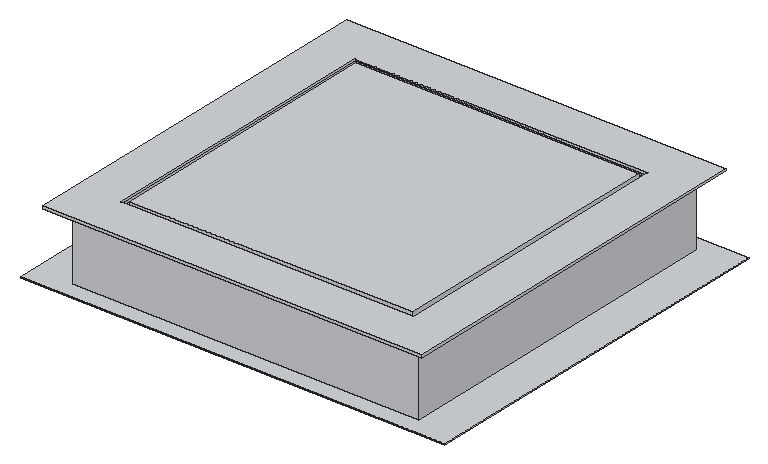
Revit family "Estrichüberdecktes Kanalsystem EÜK_UZD250-3_mit_Rohreinführung_für_Estrichhöhe_70-125 mm", category Generic Models, Revit 2015
Parameters (values of type "UZD 250-3 R")
  Width = 200 mm
  URL = "http://www.obo-bettermann.com"
  Size "a" = 262 mm
  Material = Steel, Galvanized
  Manufacturer Art. No. = "7410031"
  Manufacturer = "OBO Bettermann"
  HeightCalc = if(Height < 70 mm, 70 mm, (if(Height > 125 mm, 125 mm, Height)))  # 70 mm
  Height = 70 mm
  GTIN = "4012195475507"
  Article Type = "UZD 250-3 R"
  "B" Dimension = 410 mm
  "A" Dimension = 367 mm
Reference planes
  plane 1 "Center (Front/Back)": y = 0
  plane 2: z = 0
  plane 3 "Center (Left/Right)": x = 0
  plane 4: z = 1
  plane 5: x = -205
  plane 6: y = -183.5
  plane 7: x = 205
  plane 8: y = 183.5
  plane 9: y = -167
  plane 10: x = 167
  plane 11: y = 167
  plane 12: x = -167
  plane 13: z = 68
  plane 14: z = 70
  plane 15: x = -183.5
  plane 16: x = 183.5
  plane 17: y = 141.5
  plane 18: x = 141.5
  plane 19: x = -141.5
  plane 20: y = -141.5
  plane 21: z = 66
  plane 22: y = 131
  plane 23: y = -131
  plane 24: x = 131
  plane 25: x = -131
  plane 26: y = -136.5
  plane 27: x = 136.5
  plane 28: y = 136.5
  plane 29: x = -136.5
Forms (mm)
  Extrusion 1, solid
    sketch origin (0, 0, 0) x (1, 0, 0) y (0, 1, 0)
      loop
        line (205, 183.5) -> (-205, 183.5) -> (-205, -183.5) -> (205, -183.5) -> (205, 183.5)
    from 0 to 1
  Extrusion 2, solid
    sketch origin (0, 0, 0) x (1, 0, 0) y (0, 1, 0)
      loop
        line (-167, 167) -> (-167, -167) -> (167, -167) -> (167, 167) -> (-167, 167)
    from 1 to 68
  Extrusion 3, solid
    sketch origin (0, 0, 0) x (1, 0, 0) y (0, 1, 0)
      loop
        line (-183.5, 183.5) -> (-183.5, -183.5) -> (183.5, -183.5) -> (183.5, 183.5) -> (-183.5, 183.5)
    from 68 to 70
  Extrusion 4, void
    sketch origin (0, 0, 0) x (1, 0, 0) y (0, 1, 0)
      loop
        line (-141.5, 141.5) -> (-141.5, -141.5) -> (141.5, -141.5) -> (141.5, 141.5) -> (-141.5, 141.5)
    from 66 to 70
  Extrusion 5, void
    sketch origin (0, 0, 0) x (1, 0, 0) y (0, 1, 0)
      loop
        line (-131, 131) -> (-131, -131) -> (131, -131) -> (131, 131) -> (-131, 131)
    from 1 to 66
  Extrusion 6, solid
    sketch origin (0, 0, 0) x (1, 0, 0) y (0, 1, 0)
      loop
        line (-136.5, 136.5) -> (-136.5, -136.5) -> (136.5, -136.5) -> (136.5, 136.5) -> (-136.5, 136.5)
    from 66 to 70
Cuts and joins
  Extrusion 4, Extrusion 5 cuts Extrusion 1
  Extrusion 4, Extrusion 5 cuts Extrusion 2
  Extrusion 4 cuts Extrusion 3
Lines and regions (mm)
  model lines
    curve 1: line (205, 183.5, 0) -> (-205, 183.5, 0)
    curve 2: line (205, 183.5, 0) -> (205, -183.5, 0)
    curve 3: line (205, -183.5, 0) -> (-205, -183.5, 0)
    curve 4: line (-205, -183.5, 0) -> (-205, 183.5, 0)
    curve 5: line (-167, 167, 0) -> (167, 167, 0)
    curve 6: line (167, 167, 0) -> (167, -167, 0)
    curve 7: line (167, -167, 0) -> (-167, -167, 0)
    curve 8: line (-167, -167, 0) -> (-167, 167, 0)
    curve 9: line (-183.5, 183.5, 0) -> (-183.5, -183.5, 0)
    curve 10: line (183.5, -183.5, 0) -> (183.5, 183.5, 0)
    curve 11: line (-141.5, 141.5, 0) -> (141.5, 141.5, 0)
    curve 12: line (141.5, 141.5, 0) -> (141.5, -141.5, 0)
    curve 13: line (141.5, -141.5, 0) -> (-141.5, -141.5, 0)
    curve 14: line (-141.5, -141.5, 0) -> (-141.5, 141.5, 0)
    curve 15: line (-131, 131, 0) -> (131, 131, 0)
    curve 16: line (131, 131, 0) -> (131, -131, 0)
    curve 17: line (131, -131, 0) -> (-131, -131, 0)
    curve 18: line (-131, -131, 0) -> (-131, 131, 0)
    curve 19: line (-136.5, 136.5, 0) -> (136.5, 136.5, 0)
    curve 20: line (136.5, 136.5, 0) -> (136.5, -136.5, 0)
    curve 21: line (136.5, -136.5, 0) -> (-136.5, -136.5, 0)
    curve 22: line (-136.5, -136.5, 0) -> (-136.5, 136.5, 0)
Dimensions and locks
  locked: level to plane 4 at 1
  equal spacing: plane 6, plane 1 "Center (Front/Back)", plane 8
  ""A" Dimension": plane 6 to plane 8
  equal spacing: plane 5, plane 3 "Center (Left/Right)", plane 7
  ""B" Dimension": plane 5 to plane 7
  equal spacing: plane 12, plane 3 "Center (Left/Right)", plane 10
  locked: plane 9 to plane 11 at 334
  equal spacing: plane 9, plane 1 "Center (Front/Back)", plane 11
  locked: plane 12 to plane 10 at 334
  locked: plane 13 to plane 14 at 2
  equal spacing: plane 15, plane 3 "Center (Left/Right)", plane 16
  locked: plane 15 to plane 16 at 367
  equal spacing: plane 19, plane 3 "Center (Left/Right)", plane 18
  locked: plane 19 to plane 18 at 283
  equal spacing: plane 17, plane 1 "Center (Front/Back)", plane 20
  locked: plane 17 to plane 20 at 283
  "HeightCalc": level to plane 14
  locked: plane 21 to plane 14 at 4
  equal spacing: plane 25, plane 3 "Center (Left/Right)", plane 24
  "Size "a"": plane 25 to plane 24
  equal spacing: plane 22, plane 1 "Center (Front/Back)", plane 23
  "Size "a"": plane 22 to plane 23
  equal spacing: plane 29, plane 3 "Center (Left/Right)", plane 27
  locked: plane 29 to plane 27 at 273
  equal spacing: plane 28, plane 1 "Center (Front/Back)", plane 26
  locked: plane 28 to plane 26 at 273
  aligned and locked: level to plane 2
  aligned and locked: plane 7 to curve 2
  aligned and locked: plane 5 to curve 4
  aligned and locked: Extrusion 1 sketch curve to curve 1
  aligned and locked: Extrusion 1 sketch curve to curve 2
  aligned and locked: Extrusion 1 sketch curve to curve 3
  aligned and locked: Extrusion 1 sketch curve to curve 4
  aligned and locked: plane 4 to Extrusion 1
  aligned and locked: plane 11 to curve 5
  aligned and locked: curve 6 to plane 10
  aligned and locked: plane 9 to curve 7
  aligned and locked: curve 8 to plane 12
  aligned and locked: Extrusion 2 sketch curve to curve 5
  aligned and locked: Extrusion 2 sketch curve to curve 6
  aligned and locked: Extrusion 2 sketch curve to curve 7
  aligned and locked: Extrusion 2 sketch curve to curve 8
  aligned and locked: plane 13 to Extrusion 2
  aligned and locked: Extrusion 2 to plane 4
  aligned and locked: curve 9 to plane 15
  aligned and locked: plane 16 to curve 10
  aligned and locked: Extrusion 3 sketch curve to curve 9
  aligned and locked: Extrusion 3 sketch curve to curve 10
  aligned and locked: plane 6 to Extrusion 3 sketch curve
  aligned and locked: Extrusion 3 sketch curve to plane 8
  aligned and locked: Extrusion 3 to plane 13
  aligned and locked: plane 14 to Extrusion 3
  aligned and locked: curve 11 to plane 17
  aligned and locked: curve 12 to plane 18
  aligned and locked: plane 20 to curve 13
  aligned and locked: plane 19 to curve 14
  aligned and locked: Extrusion 1 to level
  aligned and locked: Extrusion 4 sketch curve to curve 11
  aligned and locked: Extrusion 4 sketch curve to curve 12
  aligned and locked: Extrusion 4 sketch curve to curve 13
  aligned and locked: Extrusion 4 sketch curve to curve 14
  aligned and locked: plane 14 to Extrusion 4
  aligned and locked: Extrusion 4 to plane 21
  aligned and locked: curve 15 to plane 22
  aligned and locked: curve 16 to plane 24
  aligned and locked: plane 23 to curve 17
  aligned and locked: plane 25 to curve 18
  aligned and locked: Extrusion 5 sketch curve to curve 15
  aligned and locked: Extrusion 5 sketch curve to curve 18
  aligned and locked: Extrusion 5 sketch curve to curve 17
  aligned and locked: Extrusion 5 sketch curve to curve 16
  aligned and locked: plane 21 to Extrusion 5
  aligned and locked: Extrusion 5 to plane 4
  aligned and locked: curve 19 to plane 28
  aligned and locked: curve 20 to plane 27
  aligned and locked: curve 21 to plane 26
  aligned and locked: curve 22 to plane 29
  aligned and locked: Extrusion 6 sketch curve to curve 19
  aligned and locked: Extrusion 6 sketch curve to curve 22
  aligned and locked: Extrusion 6 sketch curve to curve 21
  aligned and locked: Extrusion 6 sketch curve to curve 20
  aligned and locked: Extrusion 6 to plane 21
  aligned and locked: plane 14 to Extrusion 6
Automatic sketch dimensions
  curve 10 to plane 6 = 0 mm
  plane 8 to curve 9 = 0 mm
